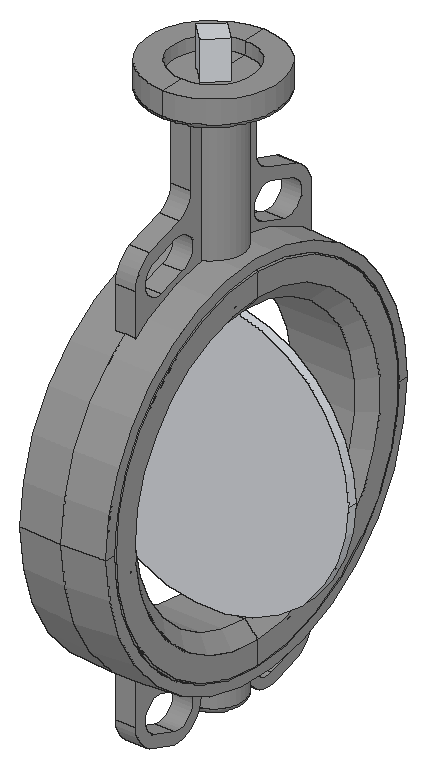
Revit family "Absperr- und Regulierklappe ZF-4219", category Rohrzubehör, Revit 2019 (continued)
Automatic sketch dimensions
  Extrusion 8 sketch curve to Extrusion 8 sketch curve = 11.576 mm
  Extrusion 8 sketch curve to Extrusion 8 sketch curve = 0.007 mm  (x2)
  Extrusion 8 sketch curve to Extrusion 8 sketch curve = 11.662 mm  (x2)
  Extrusion 8 sketch curve to Extrusion 8 sketch curve = 7.405 mm
  Extrusion 8 sketch curve to Extrusion 8 sketch curve = 9.76 mm  (x2)
  Extrusion 8 sketch curve to Extrusion 8 sketch curve = 46.144 mm
  Extrusion 8 sketch curve to Extrusion 8 sketch curve = 0.006 mm
  Extrusion 8 sketch curve to Extrusion 8 sketch curve = 0.159 mm  (x2)
  Extrusion 8 sketch curve to Extrusion 8 sketch curve = 0.225 mm  (x2)
  Extrusion 8 sketch curve to Extrusion 8 sketch curve = 3.156 mm
  Extrusion 7 sketch curve to Extrusion 7 sketch curve = 0 mm  (x29)
  Extrusion 7 sketch curve to level = 0 mm
  Extrusion 7 sketch curve to plane 1 "Mitte (Vorne/hinten)" = 0 mm
  Extrusion 7 sketch curve to Extrusion 7 sketch curve = 4.987 mm  (x2)
  plane 1 "Mitte (Vorne/hinten)" to Extrusion 7 sketch curve = 42.642 mm
  Extrusion 7 sketch curve to Extrusion 7 sketch curve = 3.28 mm  (x2)
  Extrusion 7 sketch curve to Extrusion 7 sketch curve = 14.935 mm  (x2)
  Extrusion 7 sketch curve to Extrusion 7 sketch curve = 11.589 mm  (x2)
  Extrusion 7 sketch curve to Extrusion 7 sketch curve = 14.868 mm  (x2)
  Extrusion 7 sketch curve to Extrusion 7 sketch curve = 33.628 mm  (x4)
  Extrusion 7 sketch curve to Extrusion 7 sketch curve = 3.946 mm  (x4)
  Extrusion 7 sketch curve to Extrusion 7 sketch curve = 12.021 mm  (x8)
  Extrusion 7 sketch curve to Extrusion 7 sketch curve = 8.075 mm  (x8)
  plane 1 "Mitte (Vorne/hinten)" to Extrusion 7 sketch curve = 21.03 mm
  Extrusion 7 sketch curve to Extrusion 7 sketch curve = 5.5 mm
  Extrusion 7 sketch curve to Extrusion 7 sketch curve = 0.54 mm  (x2)
  Extrusion 7 sketch curve to Extrusion 7 sketch curve = 0.103 mm
  Extrusion 7 sketch curve to Extrusion 7 sketch curve = 1.99 mm  (x2)
  plane 1 "Mitte (Vorne/hinten)" to Extrusion 7 sketch curve = 18.5 mm
  Extrusion 7 sketch curve to plane 1 "Mitte (Vorne/hinten)" = 18.5 mm  (x2)
  Extrusion 7 sketch curve to Extrusion 7 sketch curve = 1.897 mm
  Extrusion 7 sketch curve to Extrusion 7 sketch curve = 2 mm
  Extrusion 7 sketch curve to Extrusion 7 sketch curve = 21.612 mm
  Extrusion 7 sketch curve to level = 59.454 mm  (x2)
  Extrusion 7 sketch curve to Extrusion 7 sketch curve = 10.049 mm  (x4)
  Extrusion 7 sketch curve to Extrusion 7 sketch curve = 20.666 mm  (x2)
  Extrusion 7 sketch curve to Extrusion 7 sketch curve = 1.725 mm  (x2)
  Extrusion 7 sketch curve to Extrusion 7 sketch curve = 12.438 mm  (x4)
  level to Extrusion 7 sketch curve = 59.454 mm  (x2)
  Extrusion 7 sketch curve to Extrusion 7 sketch curve = 15.768 mm  (x2)
  Extrusion 7 sketch curve to Extrusion 7 sketch curve = 0.361 mm  (x2)
  Extrusion 7 sketch curve to Extrusion 7 sketch curve = 69.242 mm
  Extrusion 7 sketch curve to Extrusion 7 sketch curve = 0.014 mm
  Extrusion 7 sketch curve to Extrusion 7 sketch curve = 0.29 mm  (x2)
  Extrusion 6 sketch curve to Extrusion 6 sketch curve = 0 mm  (x31)
  Extrusion 6 sketch curve to level = 0 mm
  Extrusion 6 sketch curve to plane 1 "Mitte (Vorne/hinten)" = 0 mm
  plane 1 "Mitte (Vorne/hinten)" to Extrusion 6 sketch curve = 18.5 mm  (x2)
  Extrusion 6 sketch curve to Extrusion 6 sketch curve = 1.897 mm  (x2)
  Extrusion 6 sketch curve to Extrusion 6 sketch curve = 2 mm
  Extrusion 6 sketch curve to Extrusion 6 sketch curve = 4.154 mm  (x2)
  Extrusion 6 sketch curve to Extrusion 6 sketch curve = 5.603 mm
  Extrusion 6 sketch curve to Extrusion 6 sketch curve = 12 mm  (x2)
  Extrusion 6 sketch curve to Extrusion 6 sketch curve = 21.682 mm  (x2)
  Extrusion 6 sketch curve to Extrusion 6 sketch curve = 2.182 mm  (x2)
  Extrusion 6 sketch curve to Extrusion 6 sketch curve = 11.109 mm  (x4)
  Extrusion 6 sketch curve to Extrusion 6 sketch curve = 30.529 mm  (x4)
  Extrusion 6 sketch curve to Extrusion 6 sketch curve = 4.781 mm  (x4)
  Extrusion 6 sketch curve to Extrusion 6 sketch curve = 1.414 mm  (x8)
  Extrusion 6 sketch curve to Extrusion 6 sketch curve = 7.24 mm  (x8)
  Extrusion 6 sketch curve to Extrusion 6 sketch curve = 12.021 mm  (x8)
  Extrusion 6 sketch curve to plane 1 "Mitte (Vorne/hinten)" = 18.5 mm
  Extrusion 6 sketch curve to Extrusion 6 sketch curve = 7.5 mm
  Extrusion 6 sketch curve to Extrusion 6 sketch curve = 0.103 mm
  Extrusion 6 sketch curve to level = 50.036 mm  (x2)
  Extrusion 6 sketch curve to Extrusion 6 sketch curve = 17.112 mm  (x2)
  Extrusion 6 sketch curve to Extrusion 6 sketch curve = 9.185 mm  (x4)
  Extrusion 6 sketch curve to Extrusion 6 sketch curve = 20.608 mm  (x2)
  Extrusion 6 sketch curve to Extrusion 6 sketch curve = 12.868 mm  (x3)
  Extrusion 6 sketch curve to Extrusion 6 sketch curve = 9.096 mm  (x2)
  level to Extrusion 6 sketch curve = 50.036 mm  (x2)
  Extrusion 6 sketch curve to Extrusion 6 sketch curve = 17 mm
  Extrusion 6 sketch curve to Extrusion 6 sketch curve = 56.845 mm
  Extrusion 6 sketch curve to Extrusion 6 sketch curve = 0.017 mm
  Extrusion 6 sketch curve to Extrusion 6 sketch curve = 0.29 mm  (x2)
  Extrusion 5 sketch curve to Extrusion 5 sketch curve = 0 mm  (x25)
  Extrusion 5 sketch curve to level = 0 mm
  Extrusion 5 sketch curve to plane 1 "Mitte (Vorne/hinten)" = 0 mm
  plane 1 "Mitte (Vorne/hinten)" to Extrusion 5 sketch curve = 18.5 mm  (x2)
  Extrusion 5 sketch curve to Extrusion 5 sketch curve = 0.579 mm  (x2)
  Extrusion 5 sketch curve to Extrusion 5 sketch curve = 1.897 mm  (x2)
  Extrusion 5 sketch curve to Extrusion 5 sketch curve = 0.103 mm
  Extrusion 5 sketch curve to Extrusion 5 sketch curve = 5.603 mm
  Extrusion 5 sketch curve to Extrusion 5 sketch curve = 15.942 mm  (x4)
  Extrusion 5 sketch curve to Extrusion 5 sketch curve = 13 mm  (x2)
  Extrusion 5 sketch curve to Extrusion 5 sketch curve = 11.367 mm  (x4)
  Extrusion 5 sketch curve to Extrusion 5 sketch curve = 25.663 mm  (x4)
  Extrusion 5 sketch curve to Extrusion 5 sketch curve = 4.027 mm  (x4)
  Extrusion 5 sketch curve to Extrusion 5 sketch curve = 12.021 mm  (x5)
  Extrusion 5 sketch curve to Extrusion 5 sketch curve = 9.55 mm  (x4)
  Extrusion 5 sketch curve to Extrusion 5 sketch curve = 7.5 mm
  Extrusion 5 sketch curve to plane 1 "Mitte (Vorne/hinten)" = 18.5 mm  (x2)
  Extrusion 5 sketch curve to Extrusion 5 sketch curve = 2 mm
  Extrusion 5 sketch curve to level = 38.887 mm  (x2)
  Extrusion 5 sketch curve to Extrusion 5 sketch curve = 10.986 mm  (x3)
  Extrusion 5 sketch curve to Extrusion 5 sketch curve = 10.231 mm  (x3)
  Extrusion 5 sketch curve to Extrusion 5 sketch curve = 10.467 mm  (x4)
  Extrusion 5 sketch curve to Extrusion 5 sketch curve = 12.18 mm  (x2)
  Extrusion 5 sketch curve to Extrusion 5 sketch curve = 12.641 mm  (x4)
  Extrusion 5 sketch curve to Extrusion 5 sketch curve = 9.983 mm  (x2)
  level to Extrusion 5 sketch curve = 38.887 mm  (x2)
  Extrusion 5 sketch curve to Extrusion 5 sketch curve = 21.217 mm
  Extrusion 5 sketch curve to Extrusion 5 sketch curve = 16.969 mm  (x2)
  Extrusion 5 sketch curve to Extrusion 5 sketch curve = 51.117 mm
  Extrusion 5 sketch curve to Extrusion 5 sketch curve = 0.01 mm
  Extrusion 5 sketch curve to Extrusion 5 sketch curve = 0.29 mm  (x2)
  level to Extrusion 5 sketch curve = 49.873 mm
  Extrusion 4 sketch curve to Extrusion 4 sketch curve = 0 mm  (x28)
  Extrusion 4 sketch curve to level = 0 mm
  Extrusion 4 sketch curve to plane 1 "Mitte (Vorne/hinten)" = 0 mm
  plane 1 "Mitte (Vorne/hinten)" to Extrusion 4 sketch curve = 18.5 mm  (x2)
  Extrusion 4 sketch curve to Extrusion 4 sketch curve = 1.897 mm  (x2)
  Extrusion 4 sketch curve to Extrusion 4 sketch curve = 0.103 mm  (x2)
  Extrusion 4 sketch curve to Extrusion 4 sketch curve = 5.603 mm  (x2)
  Extrusion 4 sketch curve to Extrusion 4 sketch curve = 12.115 mm  (x4)
  Extrusion 4 sketch curve to Extrusion 4 sketch curve = 9 mm  (x2)
  Extrusion 4 sketch curve to Extrusion 4 sketch curve = 11.39 mm  (x2)
  Extrusion 4 sketch curve to Extrusion 4 sketch curve = 7.005 mm  (x2)
  Extrusion 4 sketch curve to Extrusion 4 sketch curve = 22.772 mm  (x4)
  Extrusion 4 sketch curve to Extrusion 4 sketch curve = 4.597 mm  (x4)
  Extrusion 4 sketch curve to Extrusion 4 sketch curve = 1.485 mm  (x4)
  Extrusion 4 sketch curve to Extrusion 4 sketch curve = 12.021 mm  (x4)
  Extrusion 4 sketch curve to Extrusion 4 sketch curve = 9.247 mm  (x4)
  Extrusion 4 sketch curve to plane 1 "Mitte (Vorne/hinten)" = 18.5 mm  (x2)
  Extrusion 4 sketch curve to level = 31.935 mm  (x2)
  Extrusion 4 sketch curve to Extrusion 4 sketch curve = 1.34 mm  (x4)
  Extrusion 4 sketch curve to Extrusion 4 sketch curve = 10.245 mm  (x4)
  Extrusion 4 sketch curve to Extrusion 4 sketch curve = 9.866 mm  (x4)
  Extrusion 4 sketch curve to Extrusion 4 sketch curve = 9.447 mm  (x4)
  Extrusion 4 sketch curve to Extrusion 4 sketch curve = 11.077 mm  (x4)
  Extrusion 4 sketch curve to Extrusion 4 sketch curve = 11.926 mm  (x2)
  level to Extrusion 4 sketch curve = 31.935 mm  (x2)
  Extrusion 4 sketch curve to Extrusion 4 sketch curve = 12.62 mm  (x2)
  Extrusion 4 sketch curve to Extrusion 4 sketch curve = 12.99 mm  (x2)
  Extrusion 4 sketch curve to Extrusion 4 sketch curve = 41.354 mm
  Extrusion 4 sketch curve to Extrusion 4 sketch curve = 0.018 mm
  Extrusion 4 sketch curve to Extrusion 4 sketch curve = 0.29 mm  (x2)
  Extrusion 3 sketch curve to Extrusion 3 sketch curve = 0 mm  (x23)
  Extrusion 3 sketch curve to level = 0 mm
  Extrusion 3 sketch curve to plane 1 "Mitte (Vorne/hinten)" = 0 mm
  plane 1 "Mitte (Vorne/hinten)" to Extrusion 3 sketch curve = 18 mm
  Extrusion 3 sketch curve to Extrusion 3 sketch curve = 1.897 mm  (x2)
  Extrusion 3 sketch curve to Extrusion 3 sketch curve = 0.103 mm  (x2)
  plane 1 "Mitte (Vorne/hinten)" to Extrusion 3 sketch curve = 22.391 mm
  Extrusion 3 sketch curve to Extrusion 3 sketch curve = 1.414 mm  (x14)
  Extrusion 3 sketch curve to Extrusion 3 sketch curve = 6.103 mm  (x2)
  Extrusion 3 sketch curve to Extrusion 3 sketch curve = 2 mm  (x2)
  Extrusion 3 sketch curve to Extrusion 3 sketch curve = 7.709 mm  (x4)
  Extrusion 3 sketch curve to Extrusion 3 sketch curve = 13.318 mm  (x5)
  Extrusion 3 sketch curve to Extrusion 3 sketch curve = 15.842 mm  (x5)
  Extrusion 3 sketch curve to Extrusion 3 sketch curve = 10.233 mm
  Extrusion 3 sketch curve to Extrusion 3 sketch curve = 3.184 mm  (x7)
  Extrusion 3 sketch curve to Extrusion 3 sketch curve = 6.315 mm  (x8)
  Extrusion 3 sketch curve to Extrusion 3 sketch curve = 3.021 mm  (x4)
  Extrusion 3 sketch curve to Extrusion 3 sketch curve = 5.303 mm  (x8)
  Extrusion 3 sketch curve to level = 23.805 mm  (x2)
  Extrusion 3 sketch curve to Extrusion 3 sketch curve = 3.106 mm  (x6)
  level to Extrusion 3 sketch curve = 23.805 mm  (x2)
  Extrusion 3 sketch curve to Extrusion 3 sketch curve = 6.654 mm  (x4)
  Extrusion 3 sketch curve to Extrusion 3 sketch curve = 9.77 mm  (x4)
  Extrusion 3 sketch curve to plane 1 "Mitte (Vorne/hinten)" = 18 mm
  Extrusion 3 sketch curve to plane 1 "Mitte (Vorne/hinten)" = 22.391 mm
  Extrusion 3 sketch curve to Extrusion 3 sketch curve = 5.708 mm  (x2)
  Extrusion 3 sketch curve to Extrusion 3 sketch curve = 3.131 mm
  level to Extrusion 3 sketch curve = 42.831 mm
  Extrusion 3 sketch curve to Extrusion 3 sketch curve = 4.045 mm
  Extrusion 3 sketch curve to Extrusion 3 sketch curve = 12.379 mm
  Extrusion 3 sketch curve to Extrusion 3 sketch curve = 68.43 mm
  Extrusion 3 sketch curve to Extrusion 3 sketch curve = 0.003 mm
  Extrusion 3 sketch curve to Extrusion 3 sketch curve = 0.316 mm  (x2)
  curve 12 to level = 0 mm
  curve 12 to plane 3 "Mitte (Links/rechts)" = 0 mm
  plane 1 "Mitte (Vorne/hinten)" to curve 6 = 0 mm
  curve 6 to plane 3 "Mitte (Links/rechts)" = 0 mm
  Revolve 1 sketch curve to plane 1 "Mitte (Vorne/hinten)" = 0 mm
  Revolve 1 sketch curve to Revolve 1 sketch curve = 0.987 mm
  Revolve 1 sketch curve to Revolve 1 sketch curve = 1.5 mm  (x3)
  Revolve 1 sketch curve to Revolve 1 sketch curve = 0.513 mm  (x2)
  Revolve 1 sketch curve to Revolve 1 sketch curve = 0.915 mm  (x2)
  Revolve 1 sketch curve to Revolve 1 sketch curve = 1978.5 mm  (x2)
  Revolve 11 sketch curve to plane 1 "Mitte (Vorne/hinten)" = 0 mm  (x2)
  Revolve 11 sketch curve to Revolve 11 sketch curve = 3 mm
  Revolve 11 sketch curve to Revolve 11 sketch curve = 459.992 mm
  level to Revolve 11 sketch curve = 2741.474 mm
  Revolve 12 sketch curve to plane 1 "Mitte (Vorne/hinten)" = 0 mm  (x3)
  Revolve 12 sketch curve to Revolve 12 sketch curve = 1.895 mm
  Revolve 12 sketch curve to Revolve 12 sketch curve = 2 mm  (x2)
  Revolve 12 sketch curve to Revolve 12 sketch curve = 0.105 mm
  Revolve 12 sketch curve to level = 520.992 mm
  Revolve 12 sketch curve to Revolve 12 sketch curve = 2616.474 mm
  Revolve 13 sketch curve to level = 0 mm
  Revolve 13 sketch curve to Revolve 13 sketch curve = 1.492 mm
  Revolve 13 sketch curve to Revolve 13 sketch curve = 0.18 mm  (x2)
  Revolve 13 sketch curve to Revolve 13 sketch curve = 5.027 mm
  Revolve 13 sketch curve to Revolve 13 sketch curve = 1 mm
  Revolve 13 sketch curve to Revolve 13 sketch curve = 0.999 mm  (x2)
  Revolve 13 sketch curve to Revolve 13 sketch curve = 0.27 mm
  Revolve 13 sketch curve to Revolve 13 sketch curve = 0.957 mm
  Revolve 13 sketch curve to Revolve 13 sketch curve = 1328.99 mm
  Revolve 13 sketch curve to Revolve 13 sketch curve = 1875.983 mm
  Extrusion 14 sketch curve to level = 0 mm
  Extrusion 14 sketch curve to plane 3 "Mitte (Links/rechts)" = 0 mm
  radius of Extrusion 10 sketch curve = 12 mm  (x4)
  radius of Extrusion 9 sketch curve = 9.5 mm  (x4)
  radius of Extrusion 9 sketch curve = 14 mm  (x4)
  radius of Extrusion 7 sketch curve = 11.5 mm  (x4)
  radius of Extrusion 7 sketch curve = 9.5 mm  (x4)
  radius of Extrusion 6 sketch curve = 9.5 mm  (x8)
  radius of Extrusion 5 sketch curve = 9.5 mm  (x8)
  radius of Extrusion 4 sketch curve = 9.5 mm  (x8)
  radius of curve 12 = 7 mm
  radius of curve 6 = 5 mm
Nested families
  nested 1: "Herz-Logo-vorne" at (-20, 0, 145.5), type "Herz-Logo-vorne"
Connectors
  piping at (30.75, 0, 0), diameter 200, driven by "Nennweite"
    settings: on Revolve 13, index 1, connector inside diameter 609.6 mm, connector length 0 mm, flow factor 0, pipe flow 0.0 L/s, pressure drop 0.0 Pa, fitting loss kfactor 0, connector angle 0.00°, fixture units 0, engagement length 0 mm, angle of deflection 0.00°, flow configuration 0, flow direction 0, fitting loss method 0, system type 29, joint type 0, gender type 0, connector reference index -1, connector utility 0, adjustable connector no, is connector primary yes, connector description ""
  piping at (-30.75, 0, 0), diameter 200, driven by "Nennweite"
    settings: on Revolve 13, index 2, connector inside diameter 609.6 mm, connector length 0 mm, flow factor 0, pipe flow 0.0 L/s, pressure drop 0.0 Pa, fitting loss kfactor 0, connector angle 0.00°, fixture units 0, engagement length 0 mm, angle of deflection 0.00°, flow configuration 0, flow direction 0, fitting loss method 0, system type 29, joint type 0, gender type 0, connector reference index -1, connector utility 0, adjustable connector no, is connector primary no, connector description ""
Definition of nested family "Herz-Logo-vorne"
  Reference planes
    plane 1 "Mitte (Vorne/hinten)": y = 0
    plane 2: z = 0
    plane 3 "Mitte (Links/rechts)": x = 0
  Forms (mm)
    Extrusion 1, solid
      sketch origin (0.732, -0.018, 0.017) x (0, -1, 0) y (0, 0, 1)
        loop
          line (-0.018, -4.517) -> (4.482, -4.517) -> (4.482, 4.483) -> (-4.518, 4.483) -> (-4.518, -4.517) -> (-0.018, -4.517)
        loop
          line (-0.05, -3.48) -> (3.482, -3.48) -> (3.482, 3.483) -> (-3.518, 3.483) -> (-3.518, -3.48) -> (-0.05, -3.48)
        loop
          arc (-0.018, 2.383) -> (-1.543, 3.287) -> (-3.067, 2.383) r 1.738
          arc (-3.067, 2.383) -> (-3.191, 1.899) -> (-3.067, 1.415) r 1.009
          line (-3.067, 1.415) -> (-0.018, -3.281) -> (3.032, 1.415)
          arc (3.032, 1.415) -> (3.156, 1.899) -> (3.032, 2.383) r 1.009
          arc (3.032, 2.383) -> (1.507, 3.287) -> (-0.018, 2.383) r 1.738
        loop
          arc (1.885, 1.272) -> (2.005, 1.675) -> (1.885, 2.079) r 0.74
          arc (1.885, 2.079) -> (1.265, 2.416) -> (0.644, 2.079) r 0.74
          line (0.644, 2.079) -> (-0.018, 0.97) -> (-0.679, 2.079)
          arc (-0.679, 2.079) -> (-1.3, 2.416) -> (-1.921, 2.079) r 0.74
          arc (-1.921, 2.079) -> (-2.04, 1.675) -> (-1.921, 1.272) r 0.74
          line (-1.921, 1.272) -> (-0.018, -1.658) -> (1.885, 1.272)
      from 0 to 1.5
  Dimensions and locks
    aligned and locked: level to plane 2
